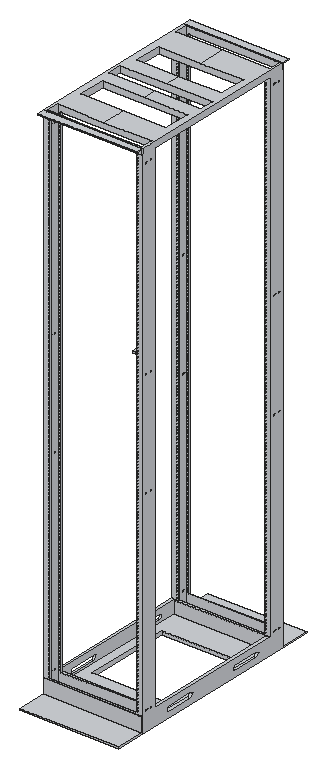
Revit family
Parameters
  Material ID = "760139709\r\n"
  Description = "RK4P58-36A \r\n"
Reference planes (in)
  plane 1 "Center (Front/Back)": y = 0
  plane 2: z = 0
  plane 3 "Center (Left/Right)": x = 0
Forms (in)
  Extrusion 1, solid, not visible
    sketch origin (0, -14.305, 0) x (1, 0, 0) y (0, 0, 1)
      loop
        line (-8.5516, 0.86) -> (-8.5516, 0.46) -> (-7.9516, 0.46) -> (-7.9516, 0.86) -> (-8.5516, 0.86)
    from 0 to 0.77696
  Extrusion 2, solid
    sketch origin (0, 0, 0) x (1, 0, 0) y (0, 0, 1)
      loop
        line (-10.155, 54) -> (-10.155, -54) -> (10.155, -54) -> (10.155, 54) -> (0, 54) -> (-10.155, 54)
    from 0 to 36
  Extrusion 3, void
    sketch origin (0, 0, 0) x (1, 0, 0) y (0, 0, 1)
      loop
        line (-8.905, 52.735) -> (-8.905, -50.62) -> (8.905, -50.62) -> (8.905, 52.735) -> (-8.905, 52.735)
    from 0 to 36
  Extrusion 4, void
    sketch origin (0, 0, 0) x (0, 1, 0) y (0, 0, 1)
      loop
        line (-3, 52.735) -> (-33, 52.735) -> (-33, -50.62) -> (-3, -50.62) -> (-3, 52.735)
    from -31.70377 to 25
  Extrusion 5, void
    sketch origin (0, 0, 0) x (1, 0, 0) y (0, 0, 1)
      loop
        circle (-9.175, 52.515) r 0.089
      loop
        circle (-9.175, 51.89) r 0.089
      loop
        circle (-9.175, 51.265) r 0.089
      loop
        circle (9.175, 52.515) r 0.089
      loop
        circle (9.175, 51.89) r 0.089
      loop
        circle (9.175, 51.265) r 0.089
    from 0 to 36
  Extrusion 6, void
    sketch origin (0, 0, 0) x (0, 1, 0) y (0, 0, 1)
      loop
        line (-0.2, 59.72052) -> (-2.8, 59.72052) -> (-2.8, -66.46573) -> (-0.2, -66.46573) -> (-0.2, 59.72052)
    from -9.61605 to 9.71756
  Extrusion 7, void
    sketch origin (0, -36, 0) x (0, -1, 0) y (0, 0, -1)
      loop
        line (-0.2, -59.72052) -> (-0.2, 63.44959) -> (-2.8, 63.44959) -> (-2.8, -59.72052) -> (-0.2, -59.72052)
    from -9.61605 to 9.71756
  Extrusion 8, solid
    sketch origin (0, 0, 0) x (0, 1, 0) y (0, 0, 1)
      loop
        line (-36, -54) -> (-36, -50.8) -> (-36.2, -50.8) -> (-36.2, -53.8) -> (-42.2, -53.8) -> (-42.2, -54) -> (-36, -54)
      loop
        line (-36, 54) -> (-37.575, 54) -> (-37.575, 53.8) -> (-36.2, 53.8) -> (-36.2, 52.94396) -> (-36, 52.94396) -> (-36, 54)
      loop
        line (0, 54) -> (0, 52.94396) -> (0.2, 52.94396) -> (0.2, 53.8) -> (1.575, 53.8) -> (1.575, 54) -> (0, 54)
      loop
        line (0, -54) -> (6.2, -54) -> (6.2, -53.8) -> (0.2, -53.8) -> (0.2, -50.8) -> (0, -50.8) -> (0, -54)
    from -10.155 to 10.155
  Extrusion 9, void
    sketch origin (0, 0, 0) x (1, 0, 0) y (0, 1, 0)
      loop
        line (8.81573, -8.40622) -> (-8.68427, -8.40622) -> (-8.68427, -13.90622) -> (8.81573, -13.90622) -> (8.81573, -8.40622)
      loop
        line (9.39397, -17.07974) -> (-9.60603, -17.07974) -> (-9.60603, -20.07974) -> (9.39397, -20.07974) -> (9.39397, -17.07974)
      loop
        line (8.81573, -22.79784) -> (-8.68427, -22.79784) -> (-8.68427, -28.29784) -> (8.81573, -28.29784) -> (8.81573, -22.79784)
    from 42.36078 to 63.49023
  Extrusion 10, void
    sketch origin (0, 0, 0) x (1, 0, 0) y (0, 1, 0)
      loop
        line (7.74608, -26.71462) -> (7.74608, -8.71462) -> (-7.75392, -8.71462) -> (-7.75392, -26.71462) -> (7.74608, -26.71462)
    from -63.44959 to 12
  Extrusion 11, void
    sketch origin (0, 0, 0) x (0, 1, 0) y (0, 0, 1)
      loop
        circle (-33.875, -50) r 0.335
      loop
        circle (-35.125, -50) r 0.335
      loop
        circle (-33.875, -10) r 0.335
      loop
        circle (-35.125, -10) r 0.335
      loop
        circle (-33.875, 12) r 0.335
      loop
        circle (-35.125, 12) r 0.335
      loop
        circle (-33.875, 51) r 0.335
      loop
        circle (-35.125, 51) r 0.335
      loop
        circle (-0.875, -50) r 0.335
      loop
        circle (-2.125, -50) r 0.335
      loop
        circle (-0.875, -10) r 0.335
      loop
        circle (-2.125, -10) r 0.335
      loop
        circle (-0.875, 12) r 0.335
      loop
        circle (-2.125, 12) r 0.335
      loop
        circle (-0.875, 51) r 0.335
      loop
        circle (-2.125, 51) r 0.335
    from -24.88707 to 25.18322
  Extrusion 12, void
    sketch origin (0, 0, 0) x (1, 0, 0) y (0, 1, 0)
      loop
        line (-9.68285, -32.8) -> (9.56715, -32.8) -> (9.56715, -3.2) -> (-9.68285, -3.2) -> (-9.68285, -32.8)
    from -53.24657 to -47.40534
  Extrusion 13, void
    sketch origin (0, 0, -1.75) x (1, 0, 0) y (0, 0, 1)
      loop
        circle (-9.175, 52.515) r 0.089
      loop
        circle (-9.175, 51.89) r 0.089
      loop
        circle (-9.175, 51.265) r 0.089
      loop
        circle (9.175, 52.515) r 0.089
      loop
        circle (9.175, 51.89) r 0.089
      loop
        circle (9.175, 51.265) r 0.089
    from 0 to 36
  Extrusion 14, void
    sketch origin (0, 0, -3.5) x (1, 0, 0) y (0, 0, 1)
      loop
        circle (-9.175, 52.515) r 0.089
      loop
        circle (-9.175, 51.89) r 0.089
      loop
        circle (-9.175, 51.265) r 0.089
      loop
        circle (9.175, 52.515) r 0.089
      loop
        circle (9.175, 51.89) r 0.089
      loop
        circle (9.175, 51.265) r 0.089
    from 0 to 36
  Extrusion 15, void
    sketch origin (0, 0, -5.25) x (1, 0, 0) y (0, 0, 1)
      loop
        circle (-9.175, 52.515) r 0.089
      loop
        circle (-9.175, 51.89) r 0.089
      loop
        circle (-9.175, 51.265) r 0.089
      loop
        circle (9.175, 52.515) r 0.089
      loop
        circle (9.175, 51.89) r 0.089
      loop
        circle (9.175, 51.265) r 0.089
    from 0 to 36
  Extrusion 16, void
    sketch origin (0, 0, -7) x (1, 0, 0) y (0, 0, 1)
      loop
        circle (-9.175, 52.515) r 0.089
      loop
        circle (-9.175, 51.89) r 0.089
      loop
        circle (-9.175, 51.265) r 0.089
      loop
        circle (9.175, 52.515) r 0.089
      loop
        circle (9.175, 51.89) r 0.089
      loop
        circle (9.175, 51.265) r 0.089
    from 0 to 36
  Extrusion 17, void
    sketch origin (0, 0, -8.75) x (1, 0, 0) y (0, 0, 1)
      loop
        circle (-9.175, 52.515) r 0.089
      loop
        circle (-9.175, 51.89) r 0.089
      loop
        circle (-9.175, 51.265) r 0.089
      loop
        circle (9.175, 52.515) r 0.089
      loop
        circle (9.175, 51.89) r 0.089
      loop
        circle (9.175, 51.265) r 0.089
    from 0 to 36
  Extrusion 18, void
    sketch origin (0, 0, -10.5) x (1, 0, 0) y (0, 0, 1)
      loop
        circle (-9.175, 52.515) r 0.089
      loop
        circle (-9.175, 51.89) r 0.089
      loop
        circle (-9.175, 51.265) r 0.089
      loop
        circle (9.175, 52.515) r 0.089
      loop
        circle (9.175, 51.89) r 0.089
      loop
        circle (9.175, 51.265) r 0.089
    from 0 to 36
  Extrusion 19, void
    sketch origin (0, 0, -12.25) x (1, 0, 0) y (0, 0, 1)
      loop
        circle (-9.175, 52.515) r 0.089
      loop
        circle (-9.175, 51.89) r 0.089
      loop
        circle (-9.175, 51.265) r 0.089
      loop
        circle (9.175, 52.515) r 0.089
      loop
        circle (9.175, 51.89) r 0.089
      loop
        circle (9.175, 51.265) r 0.089
    from 0 to 36
  Extrusion 20, void
    sketch origin (0, 0, -14) x (1, 0, 0) y (0, 0, 1)
      loop
        circle (-9.175, 52.515) r 0.089
      loop
        circle (-9.175, 51.89) r 0.089
      loop
        circle (-9.175, 51.265) r 0.089
      loop
        circle (9.175, 52.515) r 0.089
      loop
        circle (9.175, 51.89) r 0.089
      loop
        circle (9.175, 51.265) r 0.089
    from 0 to 36
  Extrusion 21, void
    sketch origin (0, 0, -15.75) x (1, 0, 0) y (0, 0, 1)
      loop
        circle (-9.175, 52.515) r 0.089
      loop
        circle (-9.175, 51.89) r 0.089
      loop
        circle (-9.175, 51.265) r 0.089
      loop
        circle (9.175, 52.515) r 0.089
      loop
        circle (9.175, 51.89) r 0.089
      loop
        circle (9.175, 51.265) r 0.089
    from 0 to 36
  Extrusion 22, void
    sketch origin (0, 0, -17.5) x (1, 0, 0) y (0, 0, 1)
      loop
        circle (-9.175, 52.515) r 0.089
      loop
        circle (-9.175, 51.89) r 0.089
      loop
        circle (-9.175, 51.265) r 0.089
      loop
        circle (9.175, 52.515) r 0.089
      loop
        circle (9.175, 51.89) r 0.089
      loop
        circle (9.175, 51.265) r 0.089
    from 0 to 36
  Extrusion 23, void
    sketch origin (0, 0, -19.25) x (1, 0, 0) y (0, 0, 1)
      loop
        circle (-9.175, 52.515) r 0.089
      loop
        circle (-9.175, 51.89) r 0.089
      loop
        circle (-9.175, 51.265) r 0.089
      loop
        circle (9.175, 52.515) r 0.089
      loop
        circle (9.175, 51.89) r 0.089
      loop
        circle (9.175, 51.265) r 0.089
    from 0 to 36
  Extrusion 24, void
    sketch origin (0, 0, -21) x (1, 0, 0) y (0, 0, 1)
      loop
        circle (-9.175, 52.515) r 0.089
      loop
        circle (-9.175, 51.89) r 0.089
      loop
        circle (-9.175, 51.265) r 0.089
      loop
        circle (9.175, 52.515) r 0.089
      loop
        circle (9.175, 51.89) r 0.089
      loop
        circle (9.175, 51.265) r 0.089
    from 0 to 36
  Extrusion 25, void
    sketch origin (0, 0, -22.75) x (1, 0, 0) y (0, 0, 1)
      loop
        circle (-9.175, 52.515) r 0.089
      loop
        circle (-9.175, 51.89) r 0.089
      loop
        circle (-9.175, 51.265) r 0.089
      loop
        circle (9.175, 52.515) r 0.089
      loop
        circle (9.175, 51.89) r 0.089
      loop
        circle (9.175, 51.265) r 0.089
    from 0 to 36
  Extrusion 26, void
    sketch origin (0, 0, -24.5) x (1, 0, 0) y (0, 0, 1)
      loop
        circle (-9.175, 52.515) r 0.089
      loop
        circle (-9.175, 51.89) r 0.089
      loop
        circle (-9.175, 51.265) r 0.089
      loop
        circle (9.175, 52.515) r 0.089
      loop
        circle (9.175, 51.89) r 0.089
      loop
        circle (9.175, 51.265) r 0.089
    from 0 to 36
  Extrusion 27, void
    sketch origin (0, 0, -26.25) x (1, 0, 0) y (0, 0, 1)
      loop
        circle (-9.175, 52.515) r 0.089
      loop
        circle (-9.175, 51.89) r 0.089
      loop
        circle (-9.175, 51.265) r 0.089
      loop
        circle (9.175, 52.515) r 0.089
      loop
        circle (9.175, 51.89) r 0.089
      loop
        circle (9.175, 51.265) r 0.089
    from 0 to 36
  Extrusion 28, void
    sketch origin (0, 0, -28) x (1, 0, 0) y (0, 0, 1)
      loop
        circle (-9.175, 52.515) r 0.089
      loop
        circle (-9.175, 51.89) r 0.089
      loop
        circle (-9.175, 51.265) r 0.089
      loop
        circle (9.175, 52.515) r 0.089
      loop
        circle (9.175, 51.89) r 0.089
      loop
        circle (9.175, 51.265) r 0.089
    from 0 to 36
  Extrusion 29, void
    sketch origin (0, 0, -29.75) x (1, 0, 0) y (0, 0, 1)
      loop
        circle (-9.175, 52.515) r 0.089
      loop
        circle (-9.175, 51.89) r 0.089
      loop
        circle (-9.175, 51.265) r 0.089
      loop
        circle (9.175, 52.515) r 0.089
      loop
        circle (9.175, 51.89) r 0.089
      loop
        circle (9.175, 51.265) r 0.089
    from 0 to 36
  Extrusion 30, void
    sketch origin (0, 0, -31.5) x (1, 0, 0) y (0, 0, 1)
      loop
        circle (-9.175, 52.515) r 0.089
      loop
        circle (-9.175, 51.89) r 0.089
      loop
        circle (-9.175, 51.265) r 0.089
      loop
        circle (9.175, 52.515) r 0.089
      loop
        circle (9.175, 51.89) r 0.089
      loop
        circle (9.175, 51.265) r 0.089
    from 0 to 36
  Extrusion 31, void
    sketch origin (0, 0, -33.25) x (1, 0, 0) y (0, 0, 1)
      loop
        circle (-9.175, 52.515) r 0.089
      loop
        circle (-9.175, 51.89) r 0.089
      loop
        circle (-9.175, 51.265) r 0.089
      loop
        circle (9.175, 52.515) r 0.089
      loop
        circle (9.175, 51.89) r 0.089
      loop
        circle (9.175, 51.265) r 0.089
    from 0 to 36
  Extrusion 32, void
    sketch origin (0, 0, -35) x (1, 0, 0) y (0, 0, 1)
      loop
        circle (-9.175, 52.515) r 0.089
      loop
        circle (-9.175, 51.89) r 0.089
      loop
        circle (-9.175, 51.265) r 0.089
      loop
        circle (9.175, 52.515) r 0.089
      loop
        circle (9.175, 51.89) r 0.089
      loop
        circle (9.175, 51.265) r 0.089
    from 0 to 36
  Extrusion 33, void
    sketch origin (0, 0, -36.75) x (1, 0, 0) y (0, 0, 1)
      loop
        circle (-9.175, 52.515) r 0.089
      loop
        circle (-9.175, 51.89) r 0.089
      loop
        circle (-9.175, 51.265) r 0.089
      loop
        circle (9.175, 52.515) r 0.089
      loop
        circle (9.175, 51.89) r 0.089
      loop
        circle (9.175, 51.265) r 0.089
    from 0 to 36
  Extrusion 34, void
    sketch origin (0, 0, -38.5) x (1, 0, 0) y (0, 0, 1)
      loop
        circle (-9.175, 52.515) r 0.089
      loop
        circle (-9.175, 51.89) r 0.089
      loop
        circle (-9.175, 51.265) r 0.089
      loop
        circle (9.175, 52.515) r 0.089
      loop
        circle (9.175, 51.89) r 0.089
      loop
        circle (9.175, 51.265) r 0.089
    from 0 to 36
  Extrusion 35, void
    sketch origin (0, 0, -40.25) x (1, 0, 0) y (0, 0, 1)
      loop
        circle (-9.175, 52.515) r 0.089
      loop
        circle (-9.175, 51.89) r 0.089
      loop
        circle (-9.175, 51.265) r 0.089
      loop
        circle (9.175, 52.515) r 0.089
      loop
        circle (9.175, 51.89) r 0.089
      loop
        circle (9.175, 51.265) r 0.089
    from 0 to 36
  Extrusion 36, void
    sketch origin (0, 0, -42) x (1, 0, 0) y (0, 0, 1)
      loop
        circle (-9.175, 52.515) r 0.089
      loop
        circle (-9.175, 51.89) r 0.089
      loop
        circle (-9.175, 51.265) r 0.089
      loop
        circle (9.175, 52.515) r 0.089
      loop
        circle (9.175, 51.89) r 0.089
      loop
        circle (9.175, 51.265) r 0.089
    from 0 to 36
  Extrusion 37, void
    sketch origin (0, 0, -43.75) x (1, 0, 0) y (0, 0, 1)
      loop
        circle (-9.175, 52.515) r 0.089
      loop
        circle (-9.175, 51.89) r 0.089
      loop
        circle (-9.175, 51.265) r 0.089
      loop
        circle (9.175, 52.515) r 0.089
      loop
        circle (9.175, 51.89) r 0.089
      loop
        circle (9.175, 51.265) r 0.089
    from 0 to 36
  Extrusion 38, void
    sketch origin (0, 0, -45.5) x (1, 0, 0) y (0, 0, 1)
      loop
        circle (-9.175, 52.515) r 0.089
      loop
        circle (-9.175, 51.89) r 0.089
      loop
        circle (-9.175, 51.265) r 0.089
      loop
        circle (9.175, 52.515) r 0.089
      loop
        circle (9.175, 51.89) r 0.089
      loop
        circle (9.175, 51.265) r 0.089
    from 0 to 36
  Extrusion 39, void
    sketch origin (0, 0, -47.25) x (1, 0, 0) y (0, 0, 1)
      loop
        circle (-9.175, 52.515) r 0.089
      loop
        circle (-9.175, 51.89) r 0.089
      loop
        circle (-9.175, 51.265) r 0.089
      loop
        circle (9.175, 52.515) r 0.089
      loop
        circle (9.175, 51.89) r 0.089
      loop
        circle (9.175, 51.265) r 0.089
    from 0 to 36
  Extrusion 40, void
    sketch origin (0, 0, -49) x (1, 0, 0) y (0, 0, 1)
      loop
        circle (-9.175, 52.515) r 0.089
      loop
        circle (-9.175, 51.89) r 0.089
      loop
        circle (-9.175, 51.265) r 0.089
      loop
        circle (9.175, 52.515) r 0.089
      loop
        circle (9.175, 51.89) r 0.089
      loop
        circle (9.175, 51.265) r 0.089
    from 0 to 36
  Extrusion 41, void
    sketch origin (0, 0, -50.75) x (1, 0, 0) y (0, 0, 1)
      loop
        circle (-9.175, 52.515) r 0.089
      loop
        circle (-9.175, 51.89) r 0.089
      loop
        circle (-9.175, 51.265) r 0.089
      loop
        circle (9.175, 52.515) r 0.089
      loop
        circle (9.175, 51.89) r 0.089
      loop
        circle (9.175, 51.265) r 0.089
    from 0 to 36
  Extrusion 42, void
    sketch origin (0, 0, -52.5) x (1, 0, 0) y (0, 0, 1)
      loop
        circle (-9.175, 52.515) r 0.089
      loop
        circle (-9.175, 51.89) r 0.089
      loop
        circle (-9.175, 51.265) r 0.089
      loop
        circle (9.175, 52.515) r 0.089
      loop
        circle (9.175, 51.89) r 0.089
      loop
        circle (9.175, 51.265) r 0.089
    from 0 to 36
  Extrusion 43, void
    sketch origin (0, 0, -54.25) x (1, 0, 0) y (0, 0, 1)
      loop
        circle (-9.175, 52.515) r 0.089
      loop
        circle (-9.175, 51.89) r 0.089
      loop
        circle (-9.175, 51.265) r 0.089
      loop
        circle (9.175, 52.515) r 0.089
      loop
        circle (9.175, 51.89) r 0.089
      loop
        circle (9.175, 51.265) r 0.089
    from 0 to 36
  Extrusion 44, void
    sketch origin (0, 0, -56) x (1, 0, 0) y (0, 0, 1)
      loop
        circle (-9.175, 52.515) r 0.089
      loop
        circle (-9.175, 51.89) r 0.089
      loop
        circle (-9.175, 51.265) r 0.089
      loop
        circle (9.175, 52.515) r 0.089
      loop
        circle (9.175, 51.89) r 0.089
      loop
        circle (9.175, 51.265) r 0.089
    from 0 to 36
  Extrusion 45, void
    sketch origin (0, 0, -57.75) x (1, 0, 0) y (0, 0, 1)
      loop
        circle (-9.175, 52.515) r 0.089
      loop
        circle (-9.175, 51.89) r 0.089
      loop
        circle (-9.175, 51.265) r 0.089
      loop
        circle (9.175, 52.515) r 0.089
      loop
        circle (9.175, 51.89) r 0.089
      loop
        circle (9.175, 51.265) r 0.089
    from 0 to 36
  Extrusion 46, void
    sketch origin (0, 0, -59.5) x (1, 0, 0) y (0, 0, 1)
      loop
        circle (-9.175, 52.515) r 0.089
      loop
        circle (-9.175, 51.89) r 0.089
      loop
        circle (-9.175, 51.265) r 0.089
      loop
        circle (9.175, 52.515) r 0.089
      loop
        circle (9.175, 51.89) r 0.089
      loop
        circle (9.175, 51.265) r 0.089
    from 0 to 36
  Extrusion 47, void
    sketch origin (0, 0, -61.25) x (1, 0, 0) y (0, 0, 1)
      loop
        circle (-9.175, 52.515) r 0.089
      loop
        circle (-9.175, 51.89) r 0.089
      loop
        circle (-9.175, 51.265) r 0.089
      loop
        circle (9.175, 52.515) r 0.089
      loop
        circle (9.175, 51.89) r 0.089
      loop
        circle (9.175, 51.265) r 0.089
    from 0 to 36
  Extrusion 48, void
    sketch origin (0, 0, -63) x (1, 0, 0) y (0, 0, 1)
      loop
        circle (-9.175, 52.515) r 0.089
      loop
        circle (-9.175, 51.89) r 0.089
      loop
        circle (-9.175, 51.265) r 0.089
      loop
        circle (9.175, 52.515) r 0.089
      loop
        circle (9.175, 51.89) r 0.089
      loop
        circle (9.175, 51.265) r 0.089
    from 0 to 36
  Extrusion 49, void
    sketch origin (0, 0, -64.75) x (1, 0, 0) y (0, 0, 1)
      loop
        circle (-9.175, 52.515) r 0.089
      loop
        circle (-9.175, 51.89) r 0.089
      loop
        circle (-9.175, 51.265) r 0.089
      loop
        circle (9.175, 52.515) r 0.089
      loop
        circle (9.175, 51.89) r 0.089
      loop
        circle (9.175, 51.265) r 0.089
    from 0 to 36
  Extrusion 50, void
    sketch origin (0, 0, -66.5) x (1, 0, 0) y (0, 0, 1)
      loop
        circle (-9.175, 52.515) r 0.089
      loop
        circle (-9.175, 51.89) r 0.089
      loop
        circle (-9.175, 51.265) r 0.089
      loop
        circle (9.175, 52.515) r 0.089
      loop
        circle (9.175, 51.89) r 0.089
      loop
        circle (9.175, 51.265) r 0.089
    from 0 to 36
  Extrusion 51, void
    sketch origin (0, 0, -68.25) x (1, 0, 0) y (0, 0, 1)
      loop
        circle (-9.175, 52.515) r 0.089
      loop
        circle (-9.175, 51.89) r 0.089
      loop
        circle (-9.175, 51.265) r 0.089
      loop
        circle (9.175, 52.515) r 0.089
      loop
        circle (9.175, 51.89) r 0.089
      loop
        circle (9.175, 51.265) r 0.089
    from 0 to 36
  Extrusion 52, void
    sketch origin (0, 0, -70) x (1, 0, 0) y (0, 0, 1)
      loop
        circle (-9.175, 52.515) r 0.089
      loop
        circle (-9.175, 51.89) r 0.089
      loop
        circle (-9.175, 51.265) r 0.089
      loop
        circle (9.175, 52.515) r 0.089
      loop
        circle (9.175, 51.89) r 0.089
      loop
        circle (9.175, 51.265) r 0.089
    from 0 to 36
  Extrusion 53, void
    sketch origin (0, 0, -71.75) x (1, 0, 0) y (0, 0, 1)
      loop
        circle (-9.175, 52.515) r 0.089
      loop
        circle (-9.175, 51.89) r 0.089
      loop
        circle (-9.175, 51.265) r 0.089
      loop
        circle (9.175, 52.515) r 0.089
      loop
        circle (9.175, 51.89) r 0.089
      loop
        circle (9.175, 51.265) r 0.089
    from 0 to 36
  Extrusion 54, void
    sketch origin (0, 0, -73.5) x (1, 0, 0) y (0, 0, 1)
      loop
        circle (-9.175, 52.515) r 0.089
      loop
        circle (-9.175, 51.89) r 0.089
      loop
        circle (-9.175, 51.265) r 0.089
      loop
        circle (9.175, 52.515) r 0.089
      loop
        circle (9.175, 51.89) r 0.089
      loop
        circle (9.175, 51.265) r 0.089
    from 0 to 36
  Extrusion 55, void
    sketch origin (0, 0, -75.25) x (1, 0, 0) y (0, 0, 1)
      loop
        circle (-9.175, 52.515) r 0.089
      loop
        circle (-9.175, 51.89) r 0.089
      loop
        circle (-9.175, 51.265) r 0.089
      loop
        circle (9.175, 52.515) r 0.089
      loop
        circle (9.175, 51.89) r 0.089
      loop
        circle (9.175, 51.265) r 0.089
    from 0 to 36
  Extrusion 56, void
    sketch origin (0, 0, -77) x (1, 0, 0) y (0, 0, 1)
      loop
        circle (-9.175, 52.515) r 0.089
      loop
        circle (-9.175, 51.89) r 0.089
      loop
        circle (-9.175, 51.265) r 0.089
      loop
        circle (9.175, 52.515) r 0.089
      loop
        circle (9.175, 51.89) r 0.089
      loop
        circle (9.175, 51.265) r 0.089
    from 0 to 36
  Extrusion 57, void
    sketch origin (0, 0, -78.75) x (1, 0, 0) y (0, 0, 1)
      loop
        circle (-9.175, 52.515) r 0.089
      loop
        circle (-9.175, 51.89) r 0.089
      loop
        circle (-9.175, 51.265) r 0.089
      loop
        circle (9.175, 52.515) r 0.089
      loop
        circle (9.175, 51.89) r 0.089
      loop
        circle (9.175, 51.265) r 0.089
    from 0 to 36
  Extrusion 58, void
    sketch origin (0, 0, -80.5) x (1, 0, 0) y (0, 0, 1)
      loop
        circle (-9.175, 52.515) r 0.089
      loop
        circle (-9.175, 51.89) r 0.089
      loop
        circle (-9.175, 51.265) r 0.089
      loop
        circle (9.175, 52.515) r 0.089
      loop
        circle (9.175, 51.89) r 0.089
      loop
        circle (9.175, 51.265) r 0.089
    from 0 to 36
  Extrusion 59, void
    sketch origin (0, 0, -82.25) x (1, 0, 0) y (0, 0, 1)
      loop
        circle (-9.175, 52.515) r 0.089
      loop
        circle (-9.175, 51.89) r 0.089
      loop
        circle (-9.175, 51.265) r 0.089
      loop
        circle (9.175, 52.515) r 0.089
      loop
        circle (9.175, 51.89) r 0.089
      loop
        circle (9.175, 51.265) r 0.089
    from 0 to 36
  Extrusion 60, void
    sketch origin (0, 0, -84) x (1, 0, 0) y (0, 0, 1)
      loop
        circle (-9.175, 52.515) r 0.089
      loop
        circle (-9.175, 51.89) r 0.089
      loop
        circle (-9.175, 51.265) r 0.089
      loop
        circle (9.175, 52.515) r 0.089
      loop
        circle (9.175, 51.89) r 0.089
      loop
        circle (9.175, 51.265) r 0.089
    from 0 to 36
  Extrusion 61, void
    sketch origin (0, 0, -85.75) x (1, 0, 0) y (0, 0, 1)
      loop
        circle (-9.175, 52.515) r 0.089
      loop
        circle (-9.175, 51.89) r 0.089
      loop
        circle (-9.175, 51.265) r 0.089
      loop
        circle (9.175, 52.515) r 0.089
      loop
        circle (9.175, 51.89) r 0.089
      loop
        circle (9.175, 51.265) r 0.089
    from 0 to 36
  Extrusion 62, void
    sketch origin (0, 0, -87.5) x (1, 0, 0) y (0, 0, 1)
      loop
        circle (-9.175, 52.515) r 0.089
      loop
        circle (-9.175, 51.89) r 0.089
      loop
        circle (-9.175, 51.265) r 0.089
      loop
        circle (9.175, 52.515) r 0.089
      loop
        circle (9.175, 51.89) r 0.089
      loop
        circle (9.175, 51.265) r 0.089
    from 0 to 36
  Extrusion 63, void
    sketch origin (0, 0, -89.25) x (1, 0, 0) y (0, 0, 1)
      loop
        circle (-9.175, 52.515) r 0.089
      loop
        circle (-9.175, 51.89) r 0.089
      loop
        circle (-9.175, 51.265) r 0.089
      loop
        circle (9.175, 52.515) r 0.089
      loop
        circle (9.175, 51.89) r 0.089
      loop
        circle (9.175, 51.265) r 0.089
    from 0 to 36
  Extrusion 64, void
    sketch origin (0, 0, -91) x (1, 0, 0) y (0, 0, 1)
      loop
        circle (-9.175, 52.515) r 0.089
      loop
        circle (-9.175, 51.89) r 0.089
      loop
        circle (-9.175, 51.265) r 0.089
      loop
        circle (9.175, 52.515) r 0.089
      loop
        circle (9.175, 51.89) r 0.089
      loop
        circle (9.175, 51.265) r 0.089
    from 0 to 36
  Extrusion 65, void
    sketch origin (0, 0, -92.75) x (1, 0, 0) y (0, 0, 1)
      loop
        circle (-9.175, 52.515) r 0.089
      loop
        circle (-9.175, 51.89) r 0.089
      loop
        circle (-9.175, 51.265) r 0.089
      loop
        circle (9.175, 52.515) r 0.089
      loop
        circle (9.175, 51.89) r 0.089
      loop
        circle (9.175, 51.265) r 0.089
    from 0 to 36
  Extrusion 66, void
    sketch origin (0, 0, -94.5) x (1, 0, 0) y (0, 0, 1)
      loop
        circle (-9.175, 52.515) r 0.089
      loop
        circle (-9.175, 51.89) r 0.089
      loop
        circle (-9.175, 51.265) r 0.089
      loop
        circle (9.175, 52.515) r 0.089
      loop
        circle (9.175, 51.89) r 0.089
      loop
        circle (9.175, 51.265) r 0.089
    from 0 to 36
  Extrusion 67, void
    sketch origin (0, 0, -96.25) x (1, 0, 0) y (0, 0, 1)
      loop
        circle (-9.175, 52.515) r 0.089
      loop
        circle (-9.175, 51.89) r 0.089
      loop
        circle (-9.175, 51.265) r 0.089
      loop
        circle (9.175, 52.515) r 0.089
      loop
        circle (9.175, 51.89) r 0.089
      loop
        circle (9.175, 51.265) r 0.089
    from 0 to 36
  Extrusion 68, void
    sketch origin (0, 0, -98) x (1, 0, 0) y (0, 0, 1)
      loop
        circle (-9.175, 52.515) r 0.089
      loop
        circle (-9.175, 51.89) r 0.089
      loop
        circle (-9.175, 51.265) r 0.089
      loop
        circle (9.175, 52.515) r 0.089
      loop
        circle (9.175, 51.89) r 0.089
      loop
        circle (9.175, 51.265) r 0.089
    from 0 to 36
  Extrusion 69, void
    sketch origin (0, 0, -99.75) x (1, 0, 0) y (0, 0, 1)
      loop
        circle (-9.175, 52.515) r 0.089
      loop
        circle (-9.175, 51.89) r 0.089
      loop
        circle (-9.175, 51.265) r 0.089
      loop
        circle (9.175, 52.515) r 0.089
      loop
        circle (9.175, 51.89) r 0.089
      loop
        circle (9.175, 51.265) r 0.089
    from 0 to 36
  Extrusion 70, void
    sketch origin (0, 0, -101.5) x (1, 0, 0) y (0, 0, 1)
      loop
        circle (-9.175, 52.515) r 0.089
      loop
        circle (-9.175, 51.89) r 0.089
      loop
        circle (-9.175, 51.265) r 0.089
      loop
        circle (9.175, 52.515) r 0.089
      loop
        circle (9.175, 51.89) r 0.089
      loop
        circle (9.175, 51.265) r 0.089
    from 0 to 36
  Extrusion 71, void
    sketch origin (10.155, 0, -54) x (0, 0, -1) y (0, -1, 0)
      loop
        arc (-2.24354, 23.75) -> (-1.68354, 23.19) -> (-1.12354, 23.75) r 0.56
        line (-1.12354, 23.75) -> (-1.12354, 29.25)
        arc (-1.12354, 29.25) -> (-1.68354, 29.81) -> (-2.24354, 29.25) r 0.56
        line (-2.24354, 29.25) -> (-2.24354, 23.75)
      loop
        line (-2.24354, 12.25) -> (-2.24354, 6.75)
        arc (-2.24354, 6.75) -> (-1.68354, 6.19) -> (-1.12354, 6.75) r 0.56
        line (-1.12354, 6.75) -> (-1.12354, 12.25)
        arc (-1.12354, 12.25) -> (-1.68354, 12.81) -> (-2.24354, 12.25) r 0.56
    from -5 to 25
Cuts and joins
  Extrusion 3, Extrusion 4, Extrusion 5, Extrusion 6, Extrusion 7, Extrusion 9, Extrusion 10, Extrusion 11, Extrusion 12, Extrusion 13, Extrusion 14, Extrusion 15, Extrusion 16, Extrusion 17, Extrusion 18, Extrusion 19, Extrusion 20, Extrusion 21, Extrusion 22, Extrusion 23, Extrusion 24, Extrusion 25, Extrusion 26, Extrusion 27, Extrusion 28, Extrusion 29, Extrusion 30, Extrusion 31, Extrusion 32, Extrusion 33, Extrusion 34, Extrusion 35, Extrusion 36, Extrusion 37, Extrusion 38, Extrusion 39, Extrusion 40, Extrusion 41, Extrusion 42, Extrusion 43, Extrusion 44, Extrusion 45, Extrusion 46, Extrusion 47, Extrusion 48, Extrusion 49, Extrusion 50, Extrusion 51, Extrusion 52, Extrusion 53, Extrusion 54, Extrusion 55, Extrusion 56, Extrusion 57, Extrusion 58, Extrusion 59, Extrusion 60, Extrusion 61, Extrusion 62, Extrusion 63, Extrusion 64, Extrusion 65, Extrusion 66, Extrusion 67, Extrusion 68, Extrusion 69, Extrusion 70, Extrusion 71 cuts Extrusion 2
  Extrusion 9, Extrusion 10, Extrusion 11, Extrusion 12, Extrusion 13, Extrusion 14, Extrusion 15, Extrusion 16, Extrusion 17, Extrusion 18, Extrusion 19, Extrusion 20, Extrusion 21, Extrusion 22, Extrusion 23, Extrusion 24, Extrusion 25, Extrusion 26, Extrusion 27, Extrusion 28, Extrusion 29, Extrusion 30, Extrusion 31, Extrusion 32, Extrusion 33, Extrusion 34, Extrusion 35, Extrusion 36, Extrusion 37, Extrusion 38, Extrusion 39, Extrusion 40, Extrusion 41, Extrusion 42, Extrusion 43, Extrusion 44, Extrusion 45, Extrusion 46, Extrusion 47, Extrusion 48, Extrusion 49, Extrusion 50, Extrusion 51, Extrusion 52, Extrusion 53, Extrusion 54, Extrusion 55, Extrusion 56, Extrusion 57, Extrusion 58, Extrusion 59, Extrusion 60, Extrusion 61, Extrusion 62, Extrusion 63, Extrusion 64, Extrusion 65, Extrusion 66, Extrusion 67, Extrusion 68, Extrusion 69, Extrusion 70, Extrusion 71 cuts Extrusion 8
Dimensions and locks (in)
  equal spacing: group 2, group 3, group 4, group 5, group 6, group 7, group 8, group 9, group 10, group 11, group 12, group 13, group 14, group 15, group 16, group 17, group 18, group 19, group 20, group 21, group 22, group 23, group 24, group 25, group 26, group 27, group 28, group 29, group 30, group 31, group 32, group 33, group 34, group 35, group 36, group 37, group 38, group 39, group 40, group 41, group 42, group 43, group 44, group 45, group 46, group 47, group 48, group 49, group 50, group 51, group 52, group 53, group 54, group 55, group 56, group 57, group 58, group 59, group 60  (x2)
  equal spacing: group 60, group 59, group 58, group 57, group 56, group 55, group 54, group 53, group 52, group 51, group 50, group 49, group 48, group 47, group 46, group 45, group 44, group 43, group 42, group 41, group 40, group 39, group 38, group 37, group 36, group 35, group 34, group 33, group 32, group 31, group 30, group 29, group 28, group 27, group 26, group 25, group 24, group 23, group 22, group 21, group 20, group 19, group 18, group 17, group 16, group 15, group 14, group 13, group 12, group 11, group 10, group 9, group 8, group 7, group 6, group 5, group 4, group 3, group 2
